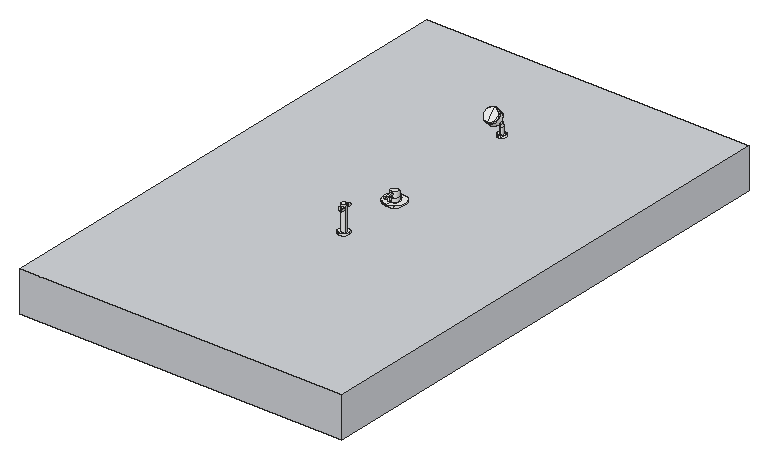
Revit family "Trim_Kit_Shower-GROHE-Concetto-102498_Series-1", category Plumbing Fixtures, host Face, Revit 2019
Family settings
  Host = Face
  Round Connector Dimension = Use Diameter
  Part Type = Normal
  OmniClass Number = 23.45.05.14.17
  OmniClass Title = Showers
  Cut with Voids When Loaded = No
  Shared = Yes
  Room Calculation Point = No
Parameters (values of type "1024980000")
  Waste Connection = no
  WFU = 2  # constant formula
  Vent Connection = no
  URL = "https://www.grohe.com"
  Type Comments = ""
  Tempesta Cosmo Shower Head 4-Sprays (26 043) = yes
  Tempered Connection Radius = Tempered Connection Diameter / 2  # 1/4"
  Tempered Connection Diameter = Hot Water Connection Diameter  # 1/2"
  Model = "1024980000"
  Material = "Metal-Grohe-000-StarLight Chrome"
  Manufacturer = "Grohe"  # constant formula
  Installation Type = "Wall Mounted"  # constant formula
  Relexa 5” Shower Arm (27 414) = yes
  Hot Water Connection Radius = Hot Water Connection Diameter / 2  # 1/4"
  Hot Water Connection Diameter = Cold Water Connection Diameter  # 1/2"
  HWFU = 1.5  # constant formula
  HW Connection = yes
  Flow Rate = "2.0 gpm"  # constant formula
  Finish = Metal-Grohe-000-StarLight Chrome
  Description = "Concetto Bathtub/Shower Combo Faucet"  # constant formula
  Default Elevation = 40"  # constant formula
  Creation Date = "05/22/2024"  # constant formula
  Concetto Pressure Balance Trim with Cartridge (14 468) = yes
  Concetto Diverter Tub Spout (13 275) = yes
  Compliance Certifications = "• Massachusetts Plumbing Board Approved\r\n• Energy Policy Act of 1992\r\n• CSA B125.1\r\n• ASME A112.18.1"
  Cold Water Connection Radius = 1/4"  # constant formula
  Cold Water Connection Diameter = Cold Water Connection Radius * 2  # 1/2"
  CalGreen Compliant = yes
  CWFU = 1.5  # constant formula
  CW Connection = yes
  CEC Compliant = yes
  Assembly Code = "D2010710"
  ADA Compliant = yes
Types (3): name | Model | Material | Finish
  1024980000 | "1024980000" | "Metal-Grohe-000-StarLight Chrome" | Metal-Grohe-000-StarLight Chrome
  1024982430 | "1024982430" | "Metal-Grohe-2430-Matte Black" | Metal-Grohe-2430-Matte Black
  102498EN00 | "102498EN00" | "Metal-Grohe-EN0-Brushed Nickel Infinity Finish" | Metal-Grohe-EN0-Brushed Nickel Infinity Finish
Reference planes (in)
  plane 1 "Center (Front/Back)": y = 0
  plane 2: z = 0
  plane 3 "Center (Left/Right)": x = 0
  plane 4: z = 2.68355
  plane 5: z = 2.23466
  plane 6: y = 40
  plane 7: z = 7.27905
  plane 8: y = 35.97095
  plane 9: z = 0.375
  plane 10: y = -40
  plane 11: through (0, 39.21275, 6.80348) normal (0, 0.7071, 0.7071)
  plane 12: through (0, 34.51304, 5.93473) normal (0, -0.7071, -0.7071)
  plane 13: through (0, 38.44281, 5.0759) normal (0, -0.7071, 0.7071)
  plane 14: through (0, 36.46189, 7.77956) normal (0, -0.7071, 0.7071)
  plane 15: z = 4.9375
  plane 16: y = 38.375
  plane 17: y = 41.28125
  plane 18: y = 38.71875
  plane 19: x = 3.125
  plane 20: x = -3.125
  plane 21: y = 3.125
  plane 22: y = -3.625
  plane 23: y = 0.4375
  plane 24: y = -19
  plane 25: z = 6.6875
  plane 26: y = -17.4375
  plane 27: y = -20.5625
Forms (in)
  Extrusion 1, solid
    sketch origin (0, 0, 0) x (1, 0, 0) y (0, 1, 0)
      loop
        line (-48, 72) -> (-48, -79.70833) -> (48, -79.70833) -> (48, 72) -> (-48, 72)
    from 0 to -12
  Revolve 2, solid, material "Metal-Grohe-000-StarLight Chrome" <- "Finish"
    sketch origin (0, 0, 0) x (0, 1, 0) y (0, 0, 1)
      loop
        line (1.11633, 1.4079) -> (1.025, 1.4079) -> (0.99546, 1.47124) -> (1.09216, 1.47124) -> (1.11633, 1.4954) -> (1.07948, 3.60602) -> (0, 3.60602) -> (0, 0) -> (1.11633, 0) -> (1.11633, 1.4079)
      axis (0, 3.60602) -> (0, 0)
    angle from 0 to 360
  Extrusion 3, void
    sketch origin (0, 0, 0) x (0, 1, 0) y (0, 0, 1)
      loop
        line (1.34438, 2.58954) -> (1.34438, 3.8541) -> (-1.40562, 3.8541) -> (-1.40562, 3.03645)
        arc (-1.40562, 3.03645) -> (-0.01538, 2.90676) -> (1.34438, 2.58954) r 10.26165
      loop
        line (-3.50752, 2.014) -> (-3.64022, 2.764) -> (-4.56057, 2.764) -> (-4.56057, 2.014) -> (-3.50752, 2.014)
    from -1.36469 to 1.35107
  Extrusion 4, solid, material "Metal-Grohe-000-StarLight Chrome" <- "Finish"
    sketch origin (0, 0, 0) x (1, 0, 0) y (0, 0, 1)
      loop
        circle (0, 2.4589) r 0.22424
    from 0 to 4.41223
  Revolve 5, solid, material "Metal-Grohe-000-StarLight Chrome" <- "Finish"
    sketch origin (0, 19.59538, 0) x (0, 1, 0) y (0, 0, 1)
      loop
        arc (21.58119, 0.36609) -> (21.56058, 0.39848) -> (21.52562, 0.41433) r 0.06732
        arc (21.52562, 0.41433) -> (20.96641, 0.47376) -> (20.40462, 0.49879) r 9.16753
        line (20.40462, 0.49879) -> (20.40462, 0) -> (21.68557, 0) -> (21.58119, 0.36609)
      axis (20.40462, 0.49879) -> (20.40462, 0)
    angle from 0 to 360
  Sweep 6, solid, material "Metal-Grohe-000-StarLight Chrome" <- "Finish"
    path origin (0, 19.59538, 0) x (0, 1, 0) y (0, 0, 1)
      loop
        line (20.40462, 0.18998) -> (20.40462, 2.61518)
        arc (20.40462, 2.61518) -> (20.28944, 3.1942) -> (19.96145, 3.68508) r 1.51306
        line (19.96145, 3.68508) -> (18.70903, 4.9375)
    profile origin (0, 40, 1.40258) x (0, -1, 0) y (1, 0, 0)
      loop
        circle (0, 0) r 0.42643
  Revolve 7, solid, material "Metal-Grohe-000-StarLight Chrome" <- "Finish"
    sketch origin (0, 19.06633, 0.52905) x (0, 1, 0) y (0, 0, 1)
      loop
        line (16.89587, 6.75066) -> (19.23808, 4.40845) -> (19.57096, 4.74133)
        arc (19.57096, 4.74133) -> (19.57952, 4.762) -> (19.57096, 4.78267) r 0.02923
        line (19.57096, 4.78267) -> (19.15873, 5.19491) -> (19.1311, 5.16728) -> (19.09477, 5.20361) -> (19.21722, 5.32606) -> (18.95355, 5.58973)
        arc (18.95355, 5.58973) -> (18.92315, 5.66148) -> (18.95122, 5.73418) r 0.10385
        line (18.95122, 5.73418) -> (19.78183, 6.62022)
        arc (19.78183, 6.62022) -> (19.8033, 6.67205) -> (19.78183, 6.72388) r 0.0733
        line (19.78183, 6.72388) -> (18.86498, 7.64074) -> (18.763, 7.53876) -> (18.72143, 7.58033) -> (18.83476, 7.69366) -> (18.43059, 8.09783)
        arc (18.43059, 8.09783) -> (18.38556, 8.11648) -> (18.34053, 8.09783) r 0.06368
        line (18.34053, 8.09783) -> (16.89587, 6.75066)
      axis (19.23808, 4.40845) -> (16.89587, 6.75066)
    angle from 0 to 360
  Extrusion 8, solid, material "Metal-Grohe-000-StarLight Chrome" <- "Finish"
    sketch origin (0, 0, 0) x (1, 0, 0) y (0, 1, 0)
      loop
        circle (-0.54724, 0) r 0.25
      loop
        circle (0.54724, 0) r 0.25
    from 0 to 0.0625
  Extrusion 9, solid, material "Metal-Grohe-000-StarLight Chrome" <- "Finish"
    sketch origin (0, 0, 0) x (1, 0, 0) y (0, 1, 0)
      loop
        circle (0, 0) r 3.125
    from 0 to 0.375
  Revolve 10, void
    sketch origin (0, 0, 0.0625) x (0, 1, 0) y (0, 0, 1)
      loop
        line (0.9361, 0.46279) -> (0.9361, 0.32096)
        arc (0.9361, 0.32096) -> (2.38083, 0.30275) -> (3.8252, 0.26566) r 110.56104
        line (3.8252, 0.26566) -> (3.8252, 0.46279) -> (0.9361, 0.46279)
      axis (0, 0.26566) -> (0, 0.46279)
    angle from 0 to 360
  Revolve 11, solid, material "Metal-Grohe-000-StarLight Chrome" <- "Finish"
    sketch origin (0, -8.79816, -0.25) x (0, 1, 0) y (0, 0, 1)
      loop
        line (-11.32684, 6.36618) -> (-10.42645, 6.36618) -> (-10.42645, 6.69638) -> (-8.99406, 6.69638) -> (-8.99406, 6.57026) -> (-8.17943, 6.57026)
        arc (-8.17943, 6.57026) -> (-8.16297, 6.75355) -> (-8.15748, 6.9375) r 3.08301
        line (-8.15748, 6.9375) -> (-11.32684, 6.9375) -> (-11.32684, 6.36618)
      axis (-11.32684, 6.9375) -> (-8.15748, 6.9375)
    angle from 0 to 360
  Extrusion 12, solid, material "Metal-Grohe-000-StarLight Chrome" <- "Finish"
    sketch origin (0, -8.79816, 0) x (1, 0, 0) y (0, 1, 0)
      loop
        circle (0, -10.20184) r 0.65085
    from 0 to 7.6875
  Extrusion 13, solid, material "Metal-Grohe-000-StarLight Chrome" <- "Finish"
    sketch origin (0, -8.79816, 0) x (1, 0, 0) y (0, 1, 0)
      loop
        circle (0, -10.20184) r 1.5625
    from 0 to 0.32647
Cuts and joins
  Extrusion 3 cuts Revolve 2
  Extrusion 3 cuts Extrusion 4
  Revolve 10 cuts Extrusion 9
  joined: Revolve 2, Extrusion 4, Revolve 5, Sweep 6, Extrusion 8, Extrusion 9
Lines and regions (in)
  Masking region 1
    outline origin (0, 0, 0) x (1, 0, 0) y (0, 0, 1)
      loop
        arc (3.65586, 0.33439) -> (2.40029, 0.59724) -> (1.12667, 0.75031) r 14.78995
        line (1.12667, 0.75031) -> (1.12667, 0.9704) -> (1.025, 0.9704) -> (0.99546, 1.03374) -> (1.09216, 1.03374) -> (1.11633, 1.0579) -> (1.0917, 2.90622)
        arc (1.0917, 2.90622) -> (1.08043, 2.92617) -> (1.06274, 2.94073) r 0.06262
        arc (1.06274, 2.94073) -> (0.99729, 2.96845) -> (0.92752, 2.98207) r 0.34233
        arc (0.92752, 2.98207) -> (0.78931, 2.99502) -> (0.65122, 3.00929) r 14.56391
        line (0.65122, 3.00929) -> (0.65122, 4.47175)
        arc (0.65122, 4.47175) -> (1.27889, 4.70755) -> (1.79116, 5.14016) r 1.97061
        arc (1.79116, 5.14016) -> (1.95654, 5.41112) -> (2.03413, 5.71894) r 1.05828
        line (2.03413, 5.71894) -> (2.03413, 7.21767)
        arc (2.03413, 7.21767) -> (1.83412, 7.8564) -> (1.30553, 8.26699) r 1.11991
        arc (1.30553, 8.26699) -> (0.01, 8.6409) -> (-1.28869, 8.27812) r 2.46807
        arc (-1.28869, 8.27812) -> (-1.82355, 7.86816) -> (-2.02632, 7.22548) r 1.11991
        line (-2.02632, 7.22548) -> (-2.02632, 5.71894)
        arc (-2.02632, 5.71894) -> (-1.94873, 5.41112) -> (-1.78335, 5.14016) r 1.05828
        arc (-1.78335, 5.14016) -> (-1.27451, 4.70957) -> (-0.65122, 4.47325) r 1.97061
        line (-0.65122, 4.47325) -> (-0.65122, 3.00929)
        arc (-0.65122, 3.00929) -> (-0.78931, 2.99502) -> (-0.92752, 2.98207) r 14.56391
        arc (-0.92752, 2.98207) -> (-0.99729, 2.96845) -> (-1.06274, 2.94073) r 0.34233
        arc (-1.06274, 2.94073) -> (-1.08043, 2.92617) -> (-1.0917, 2.90622) r 0.06262
        line (-1.0917, 2.90622) -> (-1.11633, 1.0579) -> (-1.09216, 1.03374) -> (-0.99546, 1.03374) -> (-1.025, 0.9704) -> (-1.12663, 0.9704) -> (-1.12663, 0.75026)
        arc (-1.12663, 0.75026) -> (-2.39989, 0.59719) -> (-3.65511, 0.33439) r 14.78995
        line (-3.65511, 0.33439) -> (-3.65511, 0) -> (3.65586, 0) -> (3.65586, 0.33439)
  symbolic lines, detail levels medium+fine
    curve 1: line (1.4079, 0, 0) -> (1.31289, 0, 0.32466)
    curve 2: arc (1.2164, 0, 0.40816) -> (0.82228, 0, 0.45481) -> (0.42643, 0, 0.48338) r 8.67483
    curve 3: line (0.42643, 0, 0.48338) -> (0.42643, 0, 4.48887)
    curve 4: line (-0.42643, 0, 0.48338) -> (-0.42643, 0, 4.48887)
    curve 5: line (-1.4079, 0, 0) -> (-1.33698, 0, 0.24236)
    curve 7: arc (-0.42643, 0, 0.48338) -> (-0.77866, 0, 0.45885) -> (-1.12959, 0, 0.42001) r 8.67483
    curve 36: line (0.42643, 0, 4.48887) -> (0.42643, 0, 5.27607)
    curve 37: line (-0.42643, 0, 4.48887) -> (-0.42643, 0, 5.27607)
  symbolic lines, detail levels fine
    curve 6: arc (0.42643, 0, 0.48338) -> (0, 0, 0.49387) -> (-0.42643, 0, 0.48338) r 8.67483
    curve 8: line (1.025, 0, 1.4079) -> (0.42643, 0, 1.4079)
    curve 9: line (0.99546, 0, 1.47124) -> (0.42643, 0, 1.47124)
    curve 10: line (0.65122, 0, 3.00929) -> (0.42643, 0, 3.00929)
    curve 11: line (-1.025, 0, 1.4079) -> (-0.42643, 0, 1.4079)
    curve 12: line (-0.99546, 0, 1.47124) -> (-0.42643, 0, 1.47124)
    curve 13: line (-0.65122, 0, 3.00929) -> (-0.42643, 0, 3.00929)
    curve 14: spline (0, 0, 5.88289) -> (0.06526, 0, 5.87987) -> (0.12941, 0, 5.87085) -> (0.19134, 0, 5.85598) -> (0.25, 0, 5.83553) -> (0.30438, 0, 5.80983) -> (0.35355, 0, 5.77934) -> (0.39668, 0, 5.74457) -> (0.43301, 0, 5.70612) -> (0.46194, 0, 5.66464) -> (0.48296, 0, 5.62085) -> (0.49572, 0, 5.57549) -> (0.5, 0, 5.52934)
    curve 15: spline (0, 0, 5.97657) -> (0.10144, 0, 5.97027) -> (0.19976, 0, 5.95153) -> (0.29195, 0, 5.92095) -> (0.37517, 0, 5.87946) -> (0.44687, 0, 5.82834) -> (0.50485, 0, 5.76915) -> (0.54733, 0, 5.70371) -> (0.57301, 0, 5.63403) -> (0.58108, 0, 5.56226) -> (0.57132, 0, 5.49058) -> (0.54401, 0, 5.42122) -> (0.5, 0, 5.35629)
    curve 16: line (0.5811, 0, 5.56567) -> (0.5811, 0, 5.73658)
    curve 17: arc (0.5811, 0, 5.73658) -> (0.35669, 0, 6.03061) -> (0, 0, 6.12854) r 0.57841
    curve 18: line (0.5, 0, 5.52934) -> (0.5, 0, 5.26369)
    curve 19: arc (-0.5811, 0, 5.73658) -> (-0.35669, 0, 6.03061) -> (0, 0, 6.12854) r 0.57841
    curve 20: spline (0, 0, 5.88289) -> (-0.06526, 0, 5.87987) -> (-0.12941, 0, 5.87085) -> (-0.19134, 0, 5.85598) -> (-0.25, 0, 5.83553) -> (-0.30438, 0, 5.80983) -> (-0.35355, 0, 5.77934) -> (-0.39668, 0, 5.74457) -> (-0.43301, 0, 5.70612) -> (-0.46194, 0, 5.66464) -> (-0.48296, 0, 5.62085) -> (-0.49572, 0, 5.57549) -> (-0.5, 0, 5.52934)
    curve 21: spline (0, 0, 5.97657) -> (-0.10144, 0, 5.97027) -> (-0.19976, 0, 5.95153) -> (-0.29195, 0, 5.92095) -> (-0.37517, 0, 5.87946) -> (-0.44687, 0, 5.82834) -> (-0.50485, 0, 5.76915) -> (-0.54733, 0, 5.70371) -> (-0.57301, 0, 5.63403) -> (-0.58108, 0, 5.56226) -> (-0.57132, 0, 5.49058) -> (-0.54401, 0, 5.42122) -> (-0.5, 0, 5.35629)
    curve 22: line (-0.5, 0, 5.52934) -> (-0.5, 0, 5.26369)
    curve 23: line (-0.5811, 0, 5.56567) -> (-0.5811, 0, 5.73658)
    curve 24: arc (0.5, 0, 5.26369) -> (0.47503, 0, 5.17495) -> (0.42643, 0, 5.0966) r 0.32933
    curve 25: spline (0.42643, 0, 5.27607) -> (0.4119, 0, 5.35411) -> (0.3693, 0, 5.42683) -> (0.30153, 0, 5.48928) -> (0.21322, 0, 5.5372) -> (0.11037, 0, 5.56732) -> (0, 0, 5.5776) -> (-0.11037, 0, 5.56732) -> (-0.21322, 0, 5.5372) -> (-0.30153, 0, 5.48928) -> (-0.3693, 0, 5.42683) -> (-0.4119, 0, 5.35411) -> (-0.42643, 0, 5.27607)
    curve 26: arc (-0.5, 0, 5.26369) -> (-0.47503, 0, 5.17495) -> (-0.42643, 0, 5.0966) r 0.32933
    curve 27: spline (0, 0, 7.13508) -> (0.45587, 0, 7.09574) -> (0.88498, 0, 6.98003) -> (1.26214, 0, 6.79473) -> (1.5652, 0, 6.55074) -> (1.77637, 0, 6.26236) -> (1.88326, 0, 5.94654) -> (1.8796, 0, 5.62181) -> (1.76559, 0, 5.30723) -> (1.54793, 0, 5.02128) -> (1.23939, 0, 4.78074) -> (0.8581, 0, 4.59972) -> (0.42643, 0, 4.48887)
    curve 28: spline (-0.42643, 0, 4.48887) -> (-0.8581, 0, 4.59972) -> (-1.23939, 0, 4.78074) -> (-1.54793, 0, 5.02128) -> (-1.76559, 0, 5.30723) -> (-1.8796, 0, 5.62181) -> (-1.88326, 0, 5.94654) -> (-1.77637, 0, 6.26236) -> (-1.5652, 0, 6.55074) -> (-1.26214, 0, 6.79473) -> (-0.88498, 0, 6.98003) -> (-0.45587, 0, 7.09574) -> (0, 0, 7.13508)
    curve 29: arc (1.31289, 0, 0.32466) -> (1.27694, 0, 0.38062) -> (1.2164, 0, 0.40816) r 0.11774
    curve 30: arc (-1.12959, 0, 0.42001) -> (-1.25968, 0, 0.362) -> (-1.33698, 0, 0.24236) r 0.25
    curve 31: line (1.12689, 0, 0.74761) -> (0.42643, 0, 0.74761)
    curve 32: line (-1.11633, 0, 0.74761) -> (-0.42643, 0, 0.74761)
    curve 33: arc (1.0917, 0, 2.90622) -> (1.08585, 0, 2.88483) -> (1.07139, 0, 2.86801) r 0.05045
    curve 34: arc (1.07139, 0, 2.86801) -> (0.9726, 0, 2.80912) -> (0.86398, 0, 2.7713) r 0.5688
    curve 35: arc (0.86398, 0, 2.7713) -> (0.64629, 0, 2.72576) -> (0.42643, 0, 2.6923) r 4.03197
    curve 38: arc (-1.07139, 0, 2.86801) -> (-0.9726, 0, 2.80912) -> (-0.86398, 0, 2.7713) r 0.5688
    curve 39: arc (-0.86398, 0, 2.7713) -> (-0.64629, 0, 2.72576) -> (-0.42643, 0, 2.6923) r 4.03197
Dimensions and locks (in)
  plane 7 to Extrusion 1 = 7.27905"
  plane 6 to plane 8 = 4.02905"
  plane 9 to Extrusion 1 = 3/8"  (x2)
  plane 10 to plane 1 "Center (Front/Back)" = 40"
  plane 6 to plane 10 = 80"
  plane 11 to plane 12 = 3 15/16"
  plane 14 to plane 13 = 3 5/16"
  plane 15 to Extrusion 1 = 4 15/16"
  plane 6 to plane 16 = 1 5/8"
  locked: plane 17 to plane 18 at 2.5625
  plane 20 to plane 19 = 6 1/4"
  plane 21 to plane 22 = 6 3/4"
  plane 22 to plane 23 = 4 1/16"
  plane 1 "Center (Front/Back)" to plane 22 = 3 5/8"
  plane 24 to plane 10 = 21"
  plane 25 to Extrusion 1 = 6 11/16"
  locked: plane 26 to plane 27 at 3.125
  equal spacing: plane 26, plane 24, plane 27
  plane 23 to plane 22 = 4 1/16"
  "Hot Water Connection Diameter": diameter of Extrusion 8 sketch curve
  "Cold Water Connection Diameter": diameter of Extrusion 8 sketch curve
  aligned and locked: plane 2 to Extrusion 1
  aligned and locked: level to Extrusion 1
  aligned and locked: plane 9 to Extrusion 9
  aligned and locked: Revolve 10 sketch curve to plane 1 "Center (Front/Back)"
Automatic sketch dimensions
  Extrusion 1 sketch curve to Extrusion 1 sketch curve = 96"
  Extrusion 1 sketch curve to Extrusion 1 sketch curve = 151.70833"
  plane 4 to Extrusion 3 sketch curve = 0.08044"
  plane 1 "Center (Front/Back)" to Extrusion 3 sketch curve = 4.56057"
  Extrusion 3 sketch curve to Extrusion 3 sketch curve = 0.92035"
  Extrusion 3 sketch curve to plane 5 = 0.22066"
  Extrusion 3 sketch curve to Extrusion 3 sketch curve = 0.1327"
  plane 1 "Center (Front/Back)" to Extrusion 3 sketch curve = 1.66147"
  plane 1 "Center (Front/Back)" to Extrusion 3 sketch curve = 1.40562"
  Extrusion 3 sketch curve to plane 4 = 0.09402"
  Extrusion 3 sketch curve to plane 1 "Center (Front/Back)" = 1.34438"
  Extrusion 3 sketch curve to level = 7.22201"
  plane 4 to Extrusion 3 sketch curve = 1.17055"
  Extrusion 4 sketch curve to plane 3 "Center (Left/Right)" = 0"
  plane 5 to Extrusion 4 sketch curve = 0.22424"
  Revolve 5 sketch curve to level = 0"  (x2)
  Revolve 5 sketch curve to plane 6 = 0"  (x2)
  Revolve 5 sketch curve to plane 6 = 0.12695"
  level to Revolve 5 sketch curve = 0.34764"
  plane 6 to Revolve 5 sketch curve = 1.11184"
  level to Revolve 5 sketch curve = 0.36609"
  Revolve 5 sketch curve to Revolve 5 sketch curve = 0.06474"
  Revolve 5 sketch curve to Revolve 5 sketch curve = 0.10438"
  Revolve 5 sketch curve to Revolve 5 sketch curve = 8.66786"
  level to Revolve 5 sketch curve = 0.49879"
  Revolve 5 sketch curve to Revolve 5 sketch curve = 0.44101"
  Sweep 6 sketch curve to profile plane = 0"  (x2)
  plane 1 "Center (Front/Back)" to Extrusion 8 sketch curve = 0"  (x2)
  Extrusion 8 sketch curve to plane 3 "Center (Left/Right)" = 0.54724"
  plane 3 "Center (Left/Right)" to Extrusion 8 sketch curve = 0.54724"
  Revolve 2 sketch curve to plane 1 "Center (Front/Back)" = 0"  (x2)
  Revolve 2 sketch curve to level = 0"
  Revolve 2 sketch curve to plane 1 "Center (Front/Back)" = 0.99546"
  Revolve 2 sketch curve to Revolve 2 sketch curve = 0.02953"
  Revolve 2 sketch curve to Revolve 2 sketch curve = 1.07948"
  Revolve 2 sketch curve to Revolve 2 sketch curve = 0.06716"
  Revolve 2 sketch curve to Revolve 2 sketch curve = 0.02417"  (x3)
  Revolve 2 sketch curve to plane 5 = 0.82675"
  Revolve 2 sketch curve to Revolve 2 sketch curve = 0.06333"
  Revolve 2 sketch curve to Revolve 2 sketch curve = 1/2"
  Revolve 2 sketch curve to Revolve 2 sketch curve = 1/4"
  plane 4 to Revolve 2 sketch curve = 0.92246"
  Revolve 10 sketch curve to plane 1 "Center (Front/Back)" = 0.26505"
  plane 9 to Revolve 10 sketch curve = 0.00846"
  Revolve 10 sketch curve to plane 1 "Center (Front/Back)" = 0.9361"
  plane 9 to Revolve 10 sketch curve = 0.15029"  (x2)
  Revolve 10 sketch curve to Revolve 10 sketch curve = 2.8891"
  level to Revolve 10 sketch curve = 0.32816"
  Revolve 10 sketch curve to Revolve 10 sketch curve = 0.18588"
  Masking region 1 sketch curve to Masking region 1 sketch curve = 0"  (x9)
  Masking region 1 sketch curve to level = 0"
  Masking region 1 sketch curve to plane 3 "Center (Left/Right)" = 3.65511"
  Masking region 1 sketch curve to plane 3 "Center (Left/Right)" = 1.12663"
  Masking region 1 sketch curve to Masking region 1 sketch curve = 0.01031"
  Masking region 1 sketch curve to Masking region 1 sketch curve = 0.02417"  (x4)
  plane 4 to Masking region 1 sketch curve = 57/256"
  Masking region 1 sketch curve to Masking region 1 sketch curve = 0.06716"  (x2)
  Masking region 1 sketch curve to Masking region 1 sketch curve = 0.02953"  (x2)
  Masking region 1 sketch curve to plane 3 "Center (Left/Right)" = 0.97295"
  Masking region 1 sketch curve to plane 3 "Center (Left/Right)" = 0.90641"
  Masking region 1 sketch curve to plane 3 "Center (Left/Right)" = 0.2743"
  Masking region 1 sketch curve to plane 3 "Center (Left/Right)" = 0.00059"
  plane 3 "Center (Left/Right)" to Masking region 1 sketch curve = 0.00037"
  plane 3 "Center (Left/Right)" to Masking region 1 sketch curve = 0.28212"
  Masking region 1 sketch curve to Masking region 1 sketch curve = 0.63211"
  Masking region 1 sketch curve to Masking region 1 sketch curve = 0.06654"
  plane 3 "Center (Left/Right)" to Masking region 1 sketch curve = 0.99546"
  Masking region 1 sketch curve to Masking region 1 sketch curve = 0.03451"
  Masking region 1 sketch curve to Masking region 1 sketch curve = 1.05337"
  Masking region 1 sketch curve to Masking region 1 sketch curve = 2.52918"
  Masking region 1 sketch curve to level = 13.9967"
  Masking region 1 sketch curve to Masking region 1 sketch curve = 0.33439"  (x2)
  plane 9 to Masking region 1 sketch curve = 0.5954"  (x2)
  Masking region 1 sketch curve to Masking region 1 sketch curve = 0.06333"  (x2)
  Masking region 1 sketch curve to Masking region 1 sketch curve = 0.3521"  (x2)
  Masking region 1 sketch curve to Masking region 1 sketch curve = 0.23464"
  Masking region 1 sketch curve to Masking region 1 sketch curve = 1.49873"
  Masking region 1 sketch curve to Masking region 1 sketch curve = 1.50654"
  Masking region 1 sketch curve to Masking region 1 sketch curve = 0.73763"
  plane 4 to Masking region 1 sketch curve = 0.32574"  (x2)
  Revolve 7 sketch curve to plane 14 = 0.06905"
  Revolve 7 sketch curve to plane 13 = 0"
  plane 13 to Revolve 7 sketch curve = 0"
  plane 8 to Revolve 7 sketch curve = 0.00875"
  Revolve 7 sketch curve to plane 8 = 1.43591"
  Revolve 7 sketch curve to Revolve 7 sketch curve = 0.04503"  (x2)
  plane 7 to Revolve 7 sketch curve = 1.34783"
  Revolve 7 sketch curve to Revolve 7 sketch curve = 0.33587"
  plane 7 to Revolve 7 sketch curve = 0.78876"
  Revolve 7 sketch curve to Revolve 7 sketch curve = 0.04157"
  Revolve 7 sketch curve to Revolve 7 sketch curve = 0.11333"
  plane 7 to Revolve 7 sketch curve = 0.89074"
  Revolve 7 sketch curve to plane 6 = 1.98244"
  Revolve 7 sketch curve to Revolve 7 sketch curve = 0.00233"
  Revolve 7 sketch curve to Revolve 7 sketch curve = 0.07576"
  Revolve 7 sketch curve to Revolve 7 sketch curve = 0.14122"
  Revolve 7 sketch curve to Revolve 7 sketch curve = 0.03633"
  Revolve 7 sketch curve to Revolve 7 sketch curve = 0.02763"
  Revolve 7 sketch curve to Revolve 7 sketch curve = 0.31221"
  Revolve 7 sketch curve to plane 7 = 0.07795"
  Revolve 7 sketch curve to plane 6 = 1.20367"
  Revolve 7 sketch curve to plane 7 = 0.12978"
  Revolve 7 sketch curve to plane 7 = 0.02612"
  Revolve 7 sketch curve to Revolve 7 sketch curve = 0.07343"
  plane 8 to Revolve 7 sketch curve = 0.27003"
  Revolve 7 sketch curve to Revolve 7 sketch curve = 0.35355"  (x2)
  plane 7 to Revolve 7 sketch curve = 0.26195"
  Sweep 6 sketch curve to plane 15 = 0"
  Sweep 6 sketch curve to plane 6 = 0"
  Sweep 6 sketch curve to plane 6 = 0.44316"
  Sweep 6 sketch curve to plane 4 = 0.06837"
  Sweep 6 sketch curve to Sweep 6 sketch curve = 1.51306"
  Sweep 6 sketch curve to plane 6 = 1.69559"
  level to Sweep 6 sketch curve = 0.18998"
  plane 1 "Center (Front/Back)" to Extrusion 9 sketch curve = 0"
  Extrusion 9 sketch curve to plane 3 "Center (Left/Right)" = 0"
  curve 2 to curve 6 = 0"
  curve 2 to curve 7 = 0"  (x2)
  curve 6 to curve 7 = 0"
  curve 5 to level = 0"
  curve 27 to plane 3 "Center (Left/Right)" = 0"
  curve 17 to plane 3 "Center (Left/Right)" = 0"
  curve 20 to plane 3 "Center (Left/Right)" = 0"
  curve 15 to plane 3 "Center (Left/Right)" = 0"
  curve 7 to plane 3 "Center (Left/Right)" = 0"
  curve 25 to plane 3 "Center (Left/Right)" = 0"
  curve 1 to level = 0"
  curve 19 to plane 3 "Center (Left/Right)" = 0.03325"
  curve 35 to plane 3 "Center (Left/Right)" = 0.07005"
  curve 26 to plane 3 "Center (Left/Right)" = 0.17362"
  curve 4 to plane 3 "Center (Left/Right)" = 0.42643"
  curve 22 to curve 37 = 0.07357"
  curve 23 to curve 20 = 0.0811"
  curve 38 to curve 13 = 0.30578"
  level to curve 30 = 0.17214"
  curve 30 to curve 7 = 0.67061"
  curve 5 to plane 9 = 0.13264"
  curve 5 to curve 30 = 0.23994"
  plane 3 "Center (Left/Right)" to curve 17 = 0.03325"
  plane 3 "Center (Left/Right)" to curve 39 = 0.07005"
  plane 3 "Center (Left/Right)" to curve 24 = 0.17362"
  curve 25 to curve 18 = 0.07357"
  curve 18 to curve 16 = 0.0811"
  curve 10 to curve 34 = 0.30578"
  plane 4 to curve 33 = 0.22496"
  curve 34 to curve 33 = 0.30909"
  curve 29 to plane 9 = 0.08341"
  curve 3 to curve 29 = 0.77346"
  curve 1 to plane 9 = 0.05034"
  curve 29 to curve 1 = 0.113"
  curve 7 to level = 8.18096"
  plane 9 to curve 3 = 0.10838"
  curve 33 to curve 34 = 0.41611"
  plane 4 to curve 38 = 0.64107"
  plane 15 to curve 18 = 0.32619"
  plane 15 to curve 22 = 0.32619"
  curve 26 to curve 37 = 0.01238"
  curve 25 to curve 26 = 0.03159"
  curve 25 to curve 24 = 0.03159"
  curve 37 to curve 22 = 0.25327"
  curve 25 to curve 18 = 0.25327"
  curve 14 to curve 17 = 0.02175"
  curve 14 to curve 19 = 0.02175"
  curve 18 to curve 16 = 0.20724"
  curve 19 to curve 39 = 0.56505"
  curve 35 to curve 39 = 0"
  curve 13 to curve 13 = 0.22479"
  plane 4 to curve 39 = 0.08774"
  curve 38 to curve 39 = 0"
  curve 12 to curve 12 = 0.56903"
  curve 11 to curve 12 = 0.02953"
  plane 4 to curve 38 = 0.18446"
  curve 7 to curve 32 = 0.01327"
  curve 5 to curve 30 = 0.07093"
  plane 20 to curve 27 = 1.22955"
  curve 28 to curve 27 = 0"
  curve 10 to curve 10 = 0.22479"
  plane 4 to curve 34 = 0.08774"
  curve 35 to curve 34 = 0"
  curve 9 to curve 9 = 0.56903"
  curve 9 to curve 8 = 0.02953"
  curve 33 to curve 34 = 0"
  curve 34 to curve 33 = 0.02031"
  curve 31 to curve 2 = 0.08951"
  curve 1 to curve 1 = 0.09501"
  curve 6 to curve 31 = 0.26423"
  curve 4 to curve 32 = 0.26423"
  curve 31 to curve 8 = 0.66029"
  curve 32 to curve 11 = 0.66029"
  curve 8 to curve 9 = 0.06333"
  curve 11 to curve 12 = 0.06333"
  curve 35 to curve 10 = 0.31699"
  curve 39 to curve 13 = 0.31699"
  curve 24 to curve 15 = 0.0926"
  curve 22 to curve 21 = 0.0926"
  curve 19 to curve 21 = 0.01459"
  curve 23 to curve 21 = 0"
  curve 16 to curve 15 = 0"
  curve 27 to curve 15 = 0.18178"
  curve 27 to curve 20 = 0.0881"
  Masking region 1 sketch curve to Masking region 1 sketch curve = 0.44048"  (x2)
  Masking region 1 sketch curve to plane 3 "Center (Left/Right)" = 0.65122"
  Masking region 1 sketch curve to Masking region 1 sketch curve = 0.05924"  (x2)
  Masking region 1 sketch curve to Masking region 1 sketch curve = 0.0203"
  Masking region 1 sketch curve to plane 4 = 0.04247"  (x2)
  Masking region 1 sketch curve to Masking region 1 sketch curve = 0.13522"
  plane 19 to Masking region 1 sketch curve = 0.90758"
  Masking region 1 sketch curve to Masking region 1 sketch curve = 0.16418"
  Masking region 1 sketch curve to Masking region 1 sketch curve = 0.02896"
  Masking region 1 sketch curve to Masking region 1 sketch curve = 0.13526"  (x2)
  Masking region 1 sketch curve to Masking region 1 sketch curve = 0.10494"
  Revolve 11 sketch curve to plane 22 = 16 1/2"
  Revolve 11 sketch curve to Revolve 11 sketch curve = 0.08635"
  Revolve 11 sketch curve to Revolve 11 sketch curve = 0.81404"
  Revolve 11 sketch curve to Revolve 11 sketch curve = 1.43239"
  Revolve 11 sketch curve to Revolve 11 sketch curve = 0.81463"
  Revolve 11 sketch curve to Revolve 11 sketch curve = 0.57132"
  Revolve 11 sketch curve to Revolve 11 sketch curve = 0.21568"
  Revolve 11 sketch curve to Revolve 11 sketch curve = 0.16556"
  Extrusion 12 sketch curve to plane 3 "Center (Left/Right)" = 0"
  Extrusion 12 sketch curve to plane 22 = 15 3/8"
  curve 3 to plane 15 = 0.44863"
  curve 37 to plane 15 = 0.44863"
  Revolve 7 sketch curve to plane 15 = 0"
  Revolve 7 sketch curve to plane 16 = 0.09145"
  Revolve 7 sketch curve to Revolve 7 sketch curve = 0.02067"  (x3)
  Revolve 7 sketch curve to Revolve 7 sketch curve = 0.40528"
  plane 20 to Masking region 1 sketch curve = 1.09868"
  Masking region 1 sketch curve to plane 15 = 0.46575"
  Masking region 1 sketch curve to Masking region 1 sketch curve = 0.00151"
  plane 15 to Masking region 1 sketch curve = 0.78144"
  plane 15 to Revolve 11 sketch curve = 1 3/4"
  Revolve 11 sketch curve to Revolve 11 sketch curve = 0.02195"
  Revolve 11 sketch curve to Revolve 11 sketch curve = 0.36724"
  Revolve 11 sketch curve to Revolve 11 sketch curve = 0.12612"
  Revolve 11 sketch curve to Revolve 11 sketch curve = 0"
  Extrusion 13 sketch curve to plane 3 "Center (Left/Right)" = 0"
  Extrusion 13 sketch curve to plane 24 = 0"
  radius of Extrusion 4 sketch curve = 0.22424"
  radius of Sweep 6 sketch curve = 0.42643"
  radius of Extrusion 9 sketch curve = 3 1/8"
  radius of Extrusion 12 sketch curve = 0.65085"
  radius of Extrusion 13 sketch curve = 1 9/16"
Connectors (in)
  piping at (-0.54724, 0, 0), diameter 0.5, driven by "Hot Water Connection Diameter"
    settings: on Extrusion 8, index 3, connector inside diameter 24", connector length 0", flow factor 0, pipe flow 0 GPM, pressure drop 0.00 psi, fitting loss kfactor 0, connector angle 0.00°, fixture units 0, engagement length 0", angle of deflection 0.00°, flow configuration 3, flow direction 1, fitting loss method 0, system type 19, joint type 0, gender type 0, connector reference index -1, connector utility 0, adjustable connector no, is connector primary yes, connector description "1/2\" NPT HW Inlet"
  piping at (0.54724, 0, 0), diameter 0.5, driven by "Cold Water Connection Diameter"
    settings: on Extrusion 8, index 4, connector inside diameter 24", connector length 0", flow factor 0, pipe flow 0 GPM, pressure drop 0.00 psi, fitting loss kfactor 0, connector angle 0.00°, fixture units 0, engagement length 0", angle of deflection 0.00°, flow configuration 3, flow direction 1, fitting loss method 0, system type 20, joint type 0, gender type 0, connector reference index -1, connector utility 0, adjustable connector no, is connector primary no, connector description "1/2\" NPT CW Inlet"
  piping at (0, -19, 0), diameter 0.5, driven by "Tempered Connection Diameter"
    settings: on Extrusion 12, index 5, connector inside diameter 24", connector length 0", flow factor 0, pipe flow 0 GPM, pressure drop 0.00 psi, fitting loss kfactor 0, connector angle 0.00°, fixture units 0, engagement length 0", angle of deflection 0.00°, flow configuration 0, flow direction 1, fitting loss method 0, system type 29, joint type 0, gender type 0, connector reference index -1, connector utility 0, adjustable connector no, is connector primary no, connector description "1/2\" NPT Inlet Connection to Tub spout"
  piping at (0, 40, 0), diameter 0.5, driven by "Tempered Connection Diameter"
    settings: on cut or joined group of Revolve 2, Extrusion 3, Extrusion 4, Revolve 5, Sweep 6, Extrusion 8, Extrusion 9, Revolve 10, index 6, connector inside diameter 24", connector length 0", flow factor 0, pipe flow 0 GPM, pressure drop 0.00 psi, fitting loss kfactor 0, connector angle 0.00°, fixture units 0, engagement length 0", angle of deflection 0.00°, flow configuration 0, flow direction 1, fitting loss method 0, system type 29, joint type 0, gender type 0, connector reference index -1, connector utility 0, adjustable connector no, is connector primary no, connector description "1/2\" NPT Inlet Connection to Shower Head"
